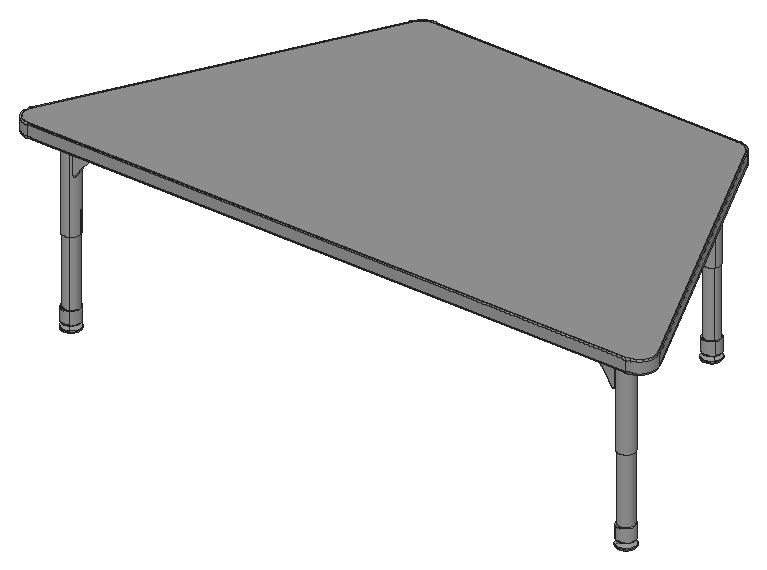
Revit family "Hierarchy Activity 60x30 Trapezoid Table - Youth Height", category Furniture, Revit 2018
Family settings
  Work Plane-Based = No
  Always vertical = Yes
  Cut with Voids When Loaded = No
  Shared = No
  Room Calculation Point = No
Parameters
  Table Height = 1' - 4"
  Surface = Hierarchy Activity 60x30 Trapezoid Table Youth Surface
  Leg Finish = Hierarchy Leg Platinum
  Edgeband = Hierarchy Activity 60x30 Trapezoid Table Youth Edgeband
  Caster/Glide = Hierarchy Youth Leg - Glide : Hierarchy Youth Leg - Glide
Reference planes (in)
  plane 1 "Center (Front/Back)": y = 0
  plane 2: z = 0
  plane 3 "Center (Left/Right)": x = 0
  plane 4: z = 16
Dimensions and locks (in)
  "Table Height": plane 4 to level
  aligned and locked: plane 2 to level
  aligned and locked: nested 1 to plane 4
Nested families (in)
  nested 1: "Activity 60x30 Trapezoid Tabletop" at (0, 0, -7.925), type "Activity 60x30 Trapezoid Tabletop"
  nested 2: "Hierarchy Youth Leg - Glide" at (-13.23136, 12.18813, 0) x (0.8507, 0.5257, 0) z (0, 0, 1), type <- "Caster/Glide", Leg Finish <- "Leg Finish", Leg Height <- "Table Height", type "Hierarchy Youth Leg - Glide"
    with Leg Height 1' - 4", Leg Finish Hierarchy Leg Platinum
  nested 3: "Hierarchy Youth Leg - Glide" at (13.23136, 12.18813, 0) x (-0.8507, 0.5257, 0) z (0, 0, 1), type <- "Caster/Glide", Leg Finish <- "Leg Finish", Leg Height <- "Table Height", type "Hierarchy Youth Leg - Glide"
    with Leg Height 1' - 4", Leg Finish Hierarchy Leg Platinum
  nested 4: "Hierarchy Youth Leg - Glide" at (-25.56328, -13.10714, 0) x (-0.5257, 0.8507, 0) z (0, 0, 1), Leg Finish <- "Leg Finish", Leg Height <- "Table Height", type "Hierarchy Youth Leg - Glide"
    with Leg Height 1' - 4", Leg Finish Hierarchy Leg Platinum
  nested 5: "Hierarchy Youth Leg - Glide" at (25.56328, -13.10714, 0) x (0.5257, 0.8507, 0) z (0, 0, 1), Leg Finish <- "Leg Finish", Leg Height <- "Table Height", type "Hierarchy Youth Leg - Glide"
    with Leg Height 1' - 4", Leg Finish Hierarchy Leg Platinum
Definition of nested family "Activity 60x30 Trapezoid Tabletop"
  Parameters (values of type "Activity 60x30 Trapezoid Tabletop")
    Surface = none
    Edgeband = none
  Reference planes (in)
    plane 1 "Center (Front/Back)": y = 0
    plane 2: z = 0
    plane 3 "Center (Left/Right)": x = 0
  Forms (in)
    Extrusion 1, solid, material <- "Surface"
      sketch origin (0, 0, 0) x (1, 0, 0) y (0, 1, 0)
        loop
          line (14.07295, 14.26389) -> (-14.07295, 14.26389)
          arc (-14.07295, 14.26389) -> (-14.79945, 14.05751) -> (-15.30895, 13.5) r 1.38189
          line (-15.30895, 13.5) -> (-28.80895, -13.5)
          arc (-28.80895, -13.5) -> (-28.74845, -14.8445) -> (-27.57295, -15.49989) r 1.38189
          line (-27.57295, -15.49989) -> (27.57295, -15.49989)
          arc (27.57295, -15.49989) -> (28.74845, -14.8445) -> (28.80895, -13.5) r 1.38189
          line (28.80895, -13.5) -> (15.30895, 13.5)
          arc (15.30895, 13.5) -> (14.79945, 14.05751) -> (14.07295, 14.26389) r 1.38189
      from 23.925 to 25.125
    Sweep 2, solid, material <- "Edgeband"
      path origin (0, 0, 0) x (1, 0, 0) y (0, 1, 0)
        loop
          line (-27.57295, -15.49989) -> (27.57295, -15.49989)
          arc (27.57295, -15.49989) -> (28.74845, -14.8445) -> (28.80895, -13.5) r 1.38189
          line (28.80895, -13.5) -> (15.30895, 13.5)
          arc (15.30895, 13.5) -> (14.79945, 14.05751) -> (14.07295, 14.26389) r 1.38189
          line (14.07295, 14.26389) -> (-14.07295, 14.26389)
          arc (-14.07295, 14.26389) -> (-14.79945, 14.05751) -> (-15.30895, 13.5) r 1.38189
          line (-15.30895, 13.5) -> (-28.80895, -13.5)
          arc (-28.80895, -13.5) -> (-28.74845, -14.8445) -> (-27.57295, -15.49989) r 1.38189
      profile origin (0, -15.49989, 0) x (0, 1, 0) y (0, 0, 1)
        loop
          arc (0, 25.125) -> (-0.08352, 25.09041) -> (-0.11811, 25.00689) r 0.11811
          line (-0.11811, 25.00689) -> (-0.11811, 24.04311)
          arc (-0.11811, 24.04311) -> (-0.08352, 23.95959) -> (0, 23.925) r 0.11811
          line (0, 23.925) -> (0, 25.125)
  Dimensions and locks (in)
    aligned and locked: plane 2 to level
Definition of nested family "Hierarchy Youth Leg - Glide"
  Parameters (values of type "Hierarchy Youth Leg - Glide")
    Leg Finish [instance] = none
    Leg Height [instance] = 1' - 4.80117"
  Reference planes (in)
    plane 1 "Center (Front/Back)": y = 0
    plane 2: z = 0
    plane 3 "Center (Left/Right)": x = 0
  Forms (in)
    Extrusion 1, solid
      sketch origin (-0.01562, 0, 0) x (1, 0, 0) y (0, 1, 0)
        loop
          circle (0.01563, 0) r 0.67016
      from 0.67618 to 10.55018
    Revolve 2, solid
      sketch origin (0, 0, 0) x (1, 0, 0) y (0, 0, 1)
        loop
          line (-0.73189, 1.80118) -> (-0.79439, 1.73867) -> (-0.79439, 0.61381) -> (-0.73176, 0.55118) -> (-0.125, 0.55118) -> (-0.125, 0.42618) -> (-0.84656, 0.16241) -> (-0.84656, 0.08994) -> (-0.81359, 0) -> (0, 0) -> (0, 1.80118) -> (-0.73189, 1.80118)
        axis (0, 1.80118) -> (0, 0)
      angle from 0 to 360
  Dimensions and locks (in)
    "Leg Height": nested 1 to level  (x2)
    aligned and locked: plane 2 to level
  Automatic sketch dimensions
    plane 1 "Center (Front/Back)" to Extrusion 1 sketch curve = 0' - 0"
    Extrusion 1 sketch curve to plane 3 "Center (Left/Right)" = 0' - 0"
    Revolve 2 sketch curve to level = 0' - 0"
    Revolve 2 sketch curve to plane 3 "Center (Left/Right)" = 0' - 0"  (x2)
    Revolve 2 sketch curve to plane 3 "Center (Left/Right)" = 0' - 0 1/8"
    Revolve 2 sketch curve to Revolve 2 sketch curve = 0' - 0.60676"
    Revolve 2 sketch curve to Revolve 2 sketch curve = 0' - 0.73189"
    Revolve 2 sketch curve to Revolve 2 sketch curve = 0' - 0.06263"  (x2)
    Revolve 2 sketch curve to Revolve 2 sketch curve = 0' - 0.08183"
    Revolve 2 sketch curve to Revolve 2 sketch curve = 0' - 0.03297"
    level to Revolve 2 sketch curve = 0' - 0.08994"
    Revolve 2 sketch curve to Revolve 2 sketch curve = 0' - 0.07247"
    level to Revolve 2 sketch curve = 0' - 0.42618"
    Revolve 2 sketch curve to Revolve 2 sketch curve = 0' - 0 1/8"
    Revolve 2 sketch curve to Revolve 2 sketch curve = 0' - 1.12486"
    Revolve 2 sketch curve to Revolve 2 sketch curve = 0' - 0 1/16"
    Revolve 2 sketch curve to level = 2' - 0"
    Revolve 2 sketch curve to Revolve 2 sketch curve = 8' - 4.91764"
    radius of Extrusion 1 sketch curve = 0' - 0.67016"
  Nested families (in)
    nested 1: "Hierarchy Youth Upper Leg 2023" at (0, 0, 0), Leg Finish <- "Leg Finish", type "Hierarchy Youth Upper Leg 2023"
      with Leg Finish none
  Definition of nested family "Hierarchy Youth Upper Leg 2023"
    Parameters (values of type "Hierarchy Youth Upper Leg 2023")
      Leg Finish [instance] = none
    Reference planes (in)
      plane 1 "Center (Front/Back)": y = 0
      plane 2: z = 0
      plane 3 "Center (Left/Right)": x = 0
    Forms (in)
      Extrusion 1, solid, material <- "Leg Finish"
        sketch origin (0, 0, -11.001) x (1, 0, 0) y (0, 1, 0)
          loop
            circle (0, 0) r 0.75
        from 19.67618 to 27.67618
      Extrusion 2, solid, material <- "Leg Finish"
        sketch origin (0, 0, -11.001) x (1, 0, 0) y (0, 1, 0)
          loop
            line (-1.70174, 0.19183) -> (-2.88626, -2.26116)
            arc (-2.88626, -2.26116) -> (-2.83993, -3.09822) -> (-2.1063, -3.50394) r 0.86614
            line (-2.1063, -3.50394) -> (2.1063, -3.50394)
            arc (2.1063, -3.50394) -> (2.83993, -3.09822) -> (2.88626, -2.26116) r 0.86614
            line (2.88626, -2.26116) -> (1.70174, 0.19183)
            arc (1.70174, 0.19183) -> (0, 1.25984) -> (-1.70174, 0.19183) r 1.88976
        from 27.67618 to 27.80217
      Extrusion 3, solid, material <- "Leg Finish"
        sketch origin (-1.48519, 8.66524, -11.001) x (-0.434844, 0.900506, 0) y (0, 0, 1)
          loop
            line (-9.01425, 27.67618) -> (-11.80952, 27.67618)
            arc (-11.80952, 27.67618) -> (-11.92325, 27.58993) -> (-11.87088, 27.45715) r 0.11811
            arc (-11.87088, 27.45715) -> (-10.39364, 26.29679) -> (-9.23328, 24.81955) r 7.87402
            arc (-9.23328, 24.81955) -> (-9.1005, 24.76717) -> (-9.01425, 24.88091) r 0.11811
            line (-9.01425, 24.88091) -> (-9.01425, 27.67618)
        from -1.94075 to -1.81476
      Extrusion 4, solid, material <- "Leg Finish"
        sketch origin (1.48519, 8.66524, -11.001) x (0.434844, 0.900506, 0) y (0, 0, -1)
          loop
            line (-9.01425, -27.67618) -> (-9.01425, -24.88091)
            arc (-9.01425, -24.88091) -> (-9.1005, -24.76717) -> (-9.23328, -24.81955) r 0.11811
            arc (-9.23328, -24.81955) -> (-10.39364, -26.29679) -> (-11.87088, -27.45715) r 7.87402
            arc (-11.87088, -27.45715) -> (-11.92325, -27.58993) -> (-11.80952, -27.67618) r 0.11811
            line (-11.80952, -27.67618) -> (-9.01425, -27.67618)
        from -1.94075 to -1.81476
    Dimensions and locks (in)
      aligned and locked: plane 2 to level
